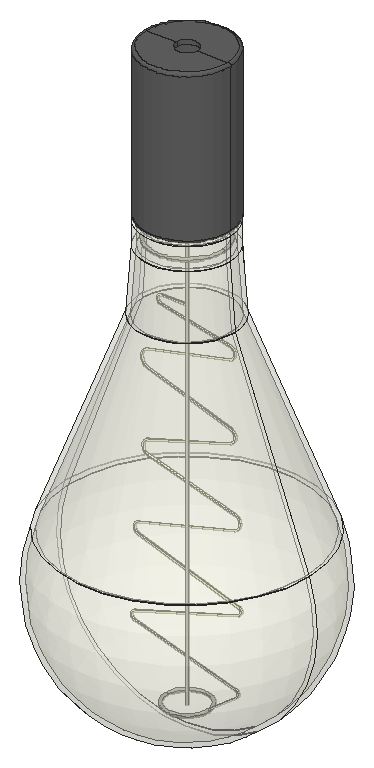
Revit family "LGB1", category Lighting Fixtures, Revit 2024
Family settings
  Round Connector Dimension = Use Diameter
  Part Type = Normal
  OmniClass Number = 23.80.70.00
  OmniClass Title = Lighting
  Work Plane-Based = No
  Always vertical = Yes
  Cut with Voids When Loaded = No
  Light Source = No
  Maintain Annotation Orientation = No
  Shared = No
  Room Calculation Point = No
Parameters
  Default Elevation = 0' - 0"
Reference planes (in)
  plane 1 "Light Source Axis (F/B)": y = 0
  plane 2: z = 0
  plane 3 "Light Source Axis (L/R)": x = 0
  plane 4 "Light Source Elevation": z = 54
Forms (in)
  Revolve 1, solid, material "78"
    sketch origin (0, 0, 0) x (1, 0, 0) y (0, 0, 1)
      loop
        arc (-0.9375, 68) -> (-0.98169, 67.98169) -> (-1, 67.9375) r 0.0625
        line (-1, 67.9375) -> (-1, 64.5625)
        arc (-1, 64.5625) -> (-0.98169, 64.51831) -> (-0.9375, 64.5) r 0.0625
        line (-0.9375, 64.5) -> (-0.90625, 64.5) -> (-0.90625, 67.90625) -> (-0.25, 67.90625) -> (-0.25, 68) -> (-0.9375, 68)
      axis (0, 68) -> (0, 64.5)
    angle from 0 to 360
  Revolve 2, solid, material "GENEVA BULB"
    sketch origin (0, 0, 0) x (1, 0, 0) y (0, 0, 1)
      loop
        arc (-0.9375, 64.5) -> (-0.98169, 64.48169) -> (-1, 64.4375) r 0.0625
        line (-1, 64.4375) -> (-1, 63.9282)
        arc (-1, 63.9282) -> (-1.02566, 63.21226) -> (-1.10251, 62.5) r 10
        line (-1.10251, 62.5) -> (-2.80081, 58.07492)
        arc (-2.80081, 58.07492) -> (-2.47232, 55.3007) -> (0, 54) r 3
        line (0, 54) -> (0, 54.09375)
        arc (0, 54.09375) -> (-2.39506, 55.3538) -> (-2.71329, 58.04133) r 2.90625
        line (-2.71329, 58.04133) -> (-1.01123, 62.47619)
        arc (-1.01123, 62.47619) -> (-0.93253, 63.2003) -> (-0.90625, 63.9282) r 10.09375
        line (-0.90625, 63.9282) -> (-0.90625, 64.40625) -> (-0.78673, 64.40625) -> (-0.78673, 65.93591) -> (-0.88048, 65.93591) -> (-0.88048, 64.5) -> (-0.9375, 64.5)
      axis (0, 65.93591) -> (0, 54)
    angle from 0 to 360
  Revolve 3, solid, material "INTERNAL"
    sketch origin (0, 0, 0) x (1, 0, 0) y (0, 0, 1)
      loop
        circle (-0.81943, 64.07284) r 0.03201
      loop
        circle (-0.4854, 54.50737) r 0.03201
      loop
        line (-0.03125, 64.22167) -> (-0.03125, 54.47618) -> (0, 54.47618) -> (0, 64.22167) -> (-0.03125, 64.22167)
      axis (0, 64.22167) -> (0, 54.47618)
    angle from 0 to 360
  Sweep 4, solid, material "INTERNAL"
    path origin (0, 0, 0) x (1, 0, 0) y (0, 0, 1)
      loop
        line (-0.25, 64.5) -> (-0.25, 64.22199) -> (0.25, 64.22199) -> (0.25, 64.5)
    profile origin (-0.25, 0, 64.361) x (0, -1, 0) y (1, 0, 0)
      loop
        circle (0, 0) r 0.0312
  Extrusion 5, solid, material "LIGHT"
    sketch origin (0, 0, 0) x (1, 0, 0) y (0, 0, 1)
      loop
        line (-0.03125, 62.67154) -> (-0.03125, 62.70279) -> (-0.58206, 62.70279)
        arc (-0.58206, 62.70279) -> (-0.6944, 62.60075) -> (-0.6036, 62.47914) r 0.11286
        line (-0.6036, 62.47914) -> (0.9749, 62.17231)
        arc (0.9749, 62.17231) -> (1.07916, 62.04806) -> (0.9793, 61.92024) r 0.12887
        line (0.9793, 61.92024) -> (-0.88609, 61.48958)
        arc (-0.88609, 61.48958) -> (-1.05815, 61.28171) -> (-0.90277, 61.06109) r 0.22221
        line (-0.90277, 61.06109) -> (0.99133, 60.46544)
        arc (0.99133, 60.46544) -> (1.0886, 60.33234) -> (0.99027, 60.20001) r 0.13895
        line (0.99027, 60.20001) -> (-0.89784, 59.62276)
        arc (-0.89784, 59.62276) -> (-1.02831, 59.44318) -> (-0.89165, 59.26827) r 0.18442
        line (-0.89165, 59.26827) -> (1.09042, 58.73717)
        arc (1.09042, 58.73717) -> (1.20274, 58.59081) -> (1.09042, 58.44444) r 0.15153
        line (1.09042, 58.44444) -> (-1.11248, 57.85417)
        arc (-1.11248, 57.85417) -> (-1.22286, 57.7129) -> (-1.11748, 57.56786) r 0.14895
        line (-1.11748, 57.56786) -> (1.1786, 56.86587)
        arc (1.1786, 56.86587) -> (1.22906, 56.79768) -> (1.1786, 56.72949) r 0.07131
        line (1.1786, 56.72949) -> (-1.20361, 56.00117)
        arc (-1.20361, 56.00117) -> (-1.28971, 55.88268) -> (-1.19953, 55.76726) r 0.12169
        line (-1.19953, 55.76726) -> (1.09842, 55.15152)
        arc (1.09842, 55.15152) -> (1.15569, 55.08957) -> (1.12442, 55.01121) r 0.07905
        line (1.12442, 55.01121) -> (0.46916, 54.53514) -> (0.49153, 54.51276) -> (1.14279, 54.98593)
        arc (1.14279, 54.98593) -> (1.18641, 55.09527) -> (1.10651, 55.18171) r 0.1103
        line (1.10651, 55.18171) -> (-1.19144, 55.79744)
        arc (-1.19144, 55.79744) -> (-1.25846, 55.88322) -> (-1.19448, 55.97128) r 0.09044
        line (-1.19448, 55.97128) -> (1.18774, 56.6996)
        arc (1.18774, 56.6996) -> (1.26031, 56.79768) -> (1.18774, 56.89576) r 0.10256
        line (1.18774, 56.89576) -> (-1.10835, 57.59774)
        arc (-1.10835, 57.59774) -> (-1.19162, 57.71235) -> (-1.1044, 57.82399) r 0.1177
        line (-1.1044, 57.82399) -> (1.09851, 58.41425)
        arc (1.09851, 58.41425) -> (1.23399, 58.59081) -> (1.09851, 58.76736) r 0.18278
        line (1.09851, 58.76736) -> (-0.88357, 59.29845)
        arc (-0.88357, 59.29845) -> (-0.99707, 59.44373) -> (-0.8887, 59.59287) r 0.15317
        line (-0.8887, 59.59287) -> (0.99941, 60.17013)
        arc (0.99941, 60.17013) -> (1.11985, 60.33221) -> (1.00071, 60.49525) r 0.1702
        line (1.00071, 60.49525) -> (-0.89339, 61.0909)
        arc (-0.89339, 61.0909) -> (-1.02692, 61.28049) -> (-0.87906, 61.45913) r 0.19096
        line (-0.87906, 61.45913) -> (0.98633, 61.88979)
        arc (0.98633, 61.88979) -> (1.11041, 62.0486) -> (0.98086, 62.20299) r 0.16012
        line (0.98086, 62.20299) -> (-0.59763, 62.50982)
        arc (-0.59763, 62.50982) -> (-0.6633, 62.59775) -> (-0.58206, 62.67154) r 0.08161
        line (-0.58206, 62.67154) -> (-0.03125, 62.67154)
    from 0.01562 to -0.01562
Dimensions and locks (in)
  aligned and locked: level to plane 2
